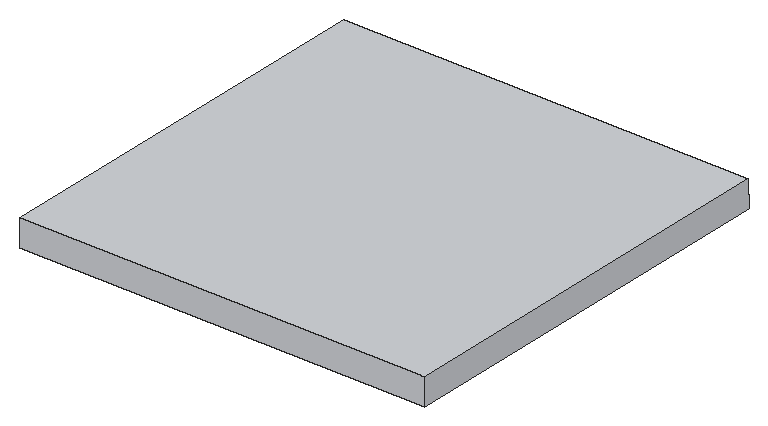
Revit family "1715_ TUPEX ELECTRIC_UQY", category Lighting Fixtures, host Face, Revit 2016
Family settings
  Host = Face
  Part Type = Normal
  Round Connector Dimension = Use Diameter
  Cut with Voids When Loaded = No
  Light Source = Yes
  Shared = No
  Room Calculation Point = Yes
Parameters
  width = 600 mm
  volt = 220 V
  length = 600 mm
  depth = 20 mm
  Wattage = 35 W
  built-in parameter 1150110 = 1 (stored number, unit not read)
  built-in parameter 1114217 = 1 (stored number, unit not read)
  Tilt Angle = 60.00°
  built-in parameter 1150109 = 1 (stored number, unit not read)
  built-in parameter 1150134 = 3
  built-in parameter 1150113 = 1 (stored number, unit not read)
  Photometric Web File = "1715.IES"
  built-in parameter 1150105 = 317.51 (stored number, unit not read)
  Lumens = 3990 lm
  built-in parameter 1150115 = 1 (stored number, unit not read)
  built-in parameter 1150137 = (empty or 0)
  built-in parameter 1150139 = (empty or 0)
  built-in parameter 1150112 = 1 (stored number, unit not read)
  built-in parameter 1150114 = 1 (stored number, unit not read)
  built-in parameter 1150132 = (empty or 0)
  built-in parameter 1150102 = (empty or 0)
  built-in parameter 1150107 = 3200 (stored number, unit not read)
  built-in parameter 1150138 = (empty or 0)
  built-in parameter 1150106 = 3.1751 (stored number, unit not read)
  built-in parameter 1150104 = 10.591 (stored number, unit not read)
  Dimming Lamp Color Temperature Shift = (empty or 0)
  Default Elevation = 1219.2 mm
  Color Filter = 16777215
  built-in parameter 1114218 = 1 (stored number, unit not read)
  built-in parameter 1150133 = 10 (stored number, unit not read)
Reference planes
  plane 1 "Center (Front/Back)": y = 0
  plane 2: z = 0
  plane 3 "Center (Left/Right)": x = 0
  plane 4: x = 600
  plane 5: y = -600
  plane 6: z = 20
  plane 7: z = -20
  plane 8: y = -300
  plane 9: x = 300
Forms (mm)
  Extrusion 1, solid
    sketch origin (0, 0, 0) x (1, 0, 0) y (0, 0, 1)
      loop
        line (600, 20) -> (0, 20) -> (0, -20) -> (600, -20) -> (600, 20)
    from 0 to 600
Dimensions and locks
  "width": plane 3 "Center (Left/Right)" to plane 4
  "length": plane 5 to plane 1 "Center (Front/Back)"
  "depth": level to plane 6
  plane 7 to level = 20 mm
  aligned and locked: plane 2 to host face
  aligned and locked: level to host face
Automatic sketch dimensions
  host sketch curve to host sketch curve = 2438.4 mm  (x2)
  Extrusion 1 sketch curve to plane 6 = 0 mm
  Extrusion 1 sketch curve to plane 7 = 0 mm
  Extrusion 1 sketch curve to plane 3 "Center (Left/Right)" = 0 mm
  Extrusion 1 sketch curve to plane 4 = 0 mm
Connectors
  electrical at (300, -300, 20), driven by "volt"
    settings: on Extrusion 1, index 1, voltage 220 V, apparent load 0 VA, apparent load phase1 36 VA, apparent load phase2 0 VA, apparent load phase3 0 VA, power factor 1, load classification "Lighting", number of poles 1, system type 31, power factor state 1, is connector primary yes, connector utility no, sub classification motor no, connector description ""
